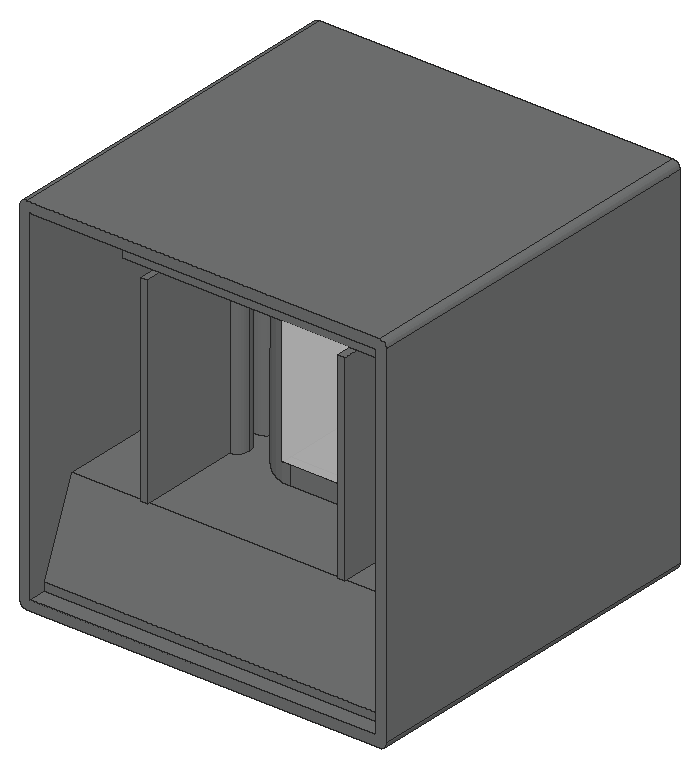
Revit family "0047910 Sylvania Lighting Fixture ST eco Surface Wall Adj Up & Dwn IP54 290lm 830 BL", category Lighting Fixtures, host Face, Revit 2016
Family settings
  Host = Face
  Part Type = Normal
  Round Connector Dimension = Use Diameter
  OmniClass Number = 23.80.70.11.17
  OmniClass Title = Specialized Lighting by Location or Use
  Cut with Voids When Loaded = No
  Light Source = Yes
  Shared = No
  Room Calculation Point = No
Parameters (values of type "0047910 ST eco Surface Wall Adj Up & Dwn IP54 290lm 830 BL")
  Width = 108.0 mm
  UpRightSegmentAngleReal [instance] = if(UpRightSegmentAngle > 35.00°, 35.00°, if(UpRightSegmentAngle < -55.00°, -55.00°, UpRightSegmentAngle))  # 0.00°
  UpRightSegmentAngle [instance] = 0.00°
  UpLeftSegmentAngleReal [instance] = if(UpLeftSegmentAngle > 35.00°, 35.00°, if(UpLeftSegmentAngle < -55.00°, -55.00°, UpLeftSegmentAngle))  # 0.00°
  UpLeftSegmentAngle [instance] = 0.00°
  Segment Material = Aluminum_Sylvania_Velite_Black
  Rotateable Segment Width = Width / 2 - 20.0 mm  # 34.0 mm
  Rotateable Segment Height = Height - 49.0 mm  # 59.0 mm
  Length = Width  # 108.0 mm
  Weight = 0.787 kg
  Wattage = 5 W
  built-in parameter 1150110 = 1 (stored number, unit not read)
  Voltage Comments = "UNV (Universal Voltage; 230-240 Volt)"  # constant formula
  Voltage = 240 V  # constant formula
  URL = "http://www.sylvania-lighting.com/product/en-int/products/0047910"
  built-in parameter 1114217 = 1 (stored number, unit not read)
  Tilt Angle = 0.00°
  built-in parameter 1150109 = 1 (stored number, unit not read)
  built-in parameter 1150134 = (empty or 0)
  Ta Rating = "-20°C to +45°C"  # constant formula
  built-in parameter 1150113 = 1 (stored number, unit not read)
  Product Page URL = "http://www.sylvania-lighting.com/product/en-int/products/0047910"
  Product Family = ""
  Photometry Comments = ""
  Photometric Web File = "0047910 ST eco Surface Wall Adj Up & Dwn IP54 290lm 830 BL.ies"
  built-in parameter 1150105 = 23.077 (stored number, unit not read)
  Lumens = 290 lm
  built-in parameter 1150115 = 1 (stored number, unit not read)
  built-in parameter 1150137 = (empty or 0)
  built-in parameter 1150139 = (empty or 0)
  Life = "25 000h"  # constant formula
  built-in parameter 1150112 = 1 (stored number, unit not read)
  built-in parameter 1150114 = 1 (stored number, unit not read)
  Lamp Comments = "Integrated LED"  # constant formula
  built-in parameter 1150132 = 2
  built-in parameter 1150102 = (empty or 0)
  built-in parameter 1150107 = 3000 (stored number, unit not read)
  built-in parameter 1150138 = (empty or 0)
  built-in parameter 1150106 = 0.23077 (stored number, unit not read)
  IP Rating = "IP54"  # constant formula
  IK Rating = "IK05"  # constant formula
  Energy Class = "A++ A+ A"  # constant formula
  Electrical Protection = "CLASS I"  # constant formula
  built-in parameter 1150104 = 5.3884 (stored number, unit not read)
  Drive Current = "300mA"
  DownRightSegmentAngleReal [instance] = if(DownRightSegmentAngle > 35.00°, 35.00°, if(DownRightSegmentAngle < -55.00°, -55.00°, DownRightSegmentAngle))  # 0.00°
  DownRightSegmentAngle [instance] = 0.00°
  DownLeftSegmentAngleReal [instance] = if(DownLeftSegmentAngle > 35.00°, 35.00°, if(DownLeftSegmentAngle < -55.00°, -55.00°, DownLeftSegmentAngle))  # 0.00°
  DownLeftSegmentAngle [instance] = 0.00°
  Dimming Lamp Color Temperature Shift = <None>
  Color Filter = 16777215
  Catalog Number = "0047910 ST eco Surface Wall Adj Up & Dwn IP54 290lm 830 BL\r\n0047910 ST eco Surface Wall Adj Up & Dwn IP54 290lm 830 BL"
  Body Material = Aluminum_Sylvania_Velite_Black
  built-in parameter 1114218 = 1 (stored number, unit not read)
  built-in parameter 1150133 = 10 (stored number, unit not read)
  Height = Width  # 108.0 mm
  built-in parameter 1114216 [instance] = 1 (stored number, unit not read)
  Model = "ST eco Surface Wall Adj Up & Dwn IP54 290lm 830 BL"
  Manufacturer = "Feilo Sylvania"  # constant formula
  Lamp = "LED"
  Diffuser Material = Polycarbonate_Sylvania_Velite_Clear
  Description = "A range of sleek and stylish Outdoor LED luminaires.Velite is perfect for lighting courtyards, gardens and exterior entrances.Design  meets IK05 requirements.Available in various shapes, sizes and colours of die cast aluminium luminaires.Range includes bollards and various wall mounted direct and direct/indirect luminaires.High efficient thermal design: ta -20 to +45oC.High performance: delivers up to 830 lm (luminaire lumen output), and up to 71lm/W (total system efficiency).Available in warm white (3,000K).Energy class: A++, A+, A.Lifetime: 30,000 hours life at 70% of the original output L70."  # constant formula
  Default Elevation = 0.0 mm
  built-in parameter 1140040 [instance] = 1
  Assembly Code = "D5020200"
  Apparent Load Comments = ""
  Apparent Load = 5 VA
Reference planes
  plane 1 "Center (Front/Back)": y = 0
  plane 2 "Fixture Back": z = 0
  plane 3 "Center (Left/Right)": x = 0
  plane 4 "Fixture Left": x = -54
  plane 5 "Fixture Right": x = 54
  plane 6 "Fixture Top": y = 54
  plane 7 "Fixture Bottom": y = -54
  plane 8 "Fixture Front": z = 108
  plane 9: x = -51
  plane 10: x = 51
  plane 11: z = 105
  plane 12: z = 3
  plane 13 "Center Segments": z = 59.5
  plane 14: z = 5.5
  plane 15: z = 30
  plane 16: y = 49
  plane 17: y = -49
  plane 18: y = 39
  plane 19: y = -39
  plane 20: x = 39
  plane 21: x = -39
  plane 22: y = 35
  plane 23: y = -35
  plane 24: z = 92
  plane 25: z = 89
  plane 26: y = 12.5
  plane 27: y = -12.5
  plane 28: x = 20
  plane 29: x = -20
  plane 30: z = 35.5
  plane 31: z = 85
  plane 32: x = -10
  plane 33: x = 10
  plane 34: y = -9.5
  plane 35: y = 9.5
  plane 36: y = 5.5
  plane 37: y = -5.5
  plane 38: x = -29
  plane 39: x = 29
Forms (mm)
  Extrusion 1, solid, material "Aluminum_Sylvania_Velite_Black" <- "Body Material", detail levels fine
    sketch origin (0, 0, 0) x (1, 0, 0) y (0, 0, 1)
      loop
        line (-51, 105) -> (-51, 3) -> (51, 3) -> (51, 105) -> (-51, 105)
      loop
        line (-54, 106) -> (-54, 2)
        arc (-54, 2) -> (-53.414, 0.586) -> (-52, 0) r 2
        line (-52, 0) -> (52, 0)
        arc (52, 0) -> (53.414, 0.586) -> (54, 2) r 2
        line (54, 2) -> (54, 106)
        arc (54, 106) -> (53.414, 107.414) -> (52, 108) r 2
        line (52, 108) -> (-52, 108)
        arc (-52, 108) -> (-53.414, 107.414) -> (-54, 106) r 2
    from -54 to 54
  Extrusion 2, solid, material "Aluminum_Sylvania_Velite_Black" <- "Body Material", detail levels fine
    sketch origin (0, 0, 0) x (0, 1, 0) y (0, 0, 1)
      loop
        line (49, 3) -> (49, 5.5) -> (39, 30) -> (-39, 30) -> (-49, 5.5) -> (-49, 3) -> (49, 3)
    from -51 to 51
  Extrusion 3, solid, material "Aluminum_Sylvania_Velite_Black" <- "Body Material", detail levels fine
    sketch origin (0, 0, 0) x (1, 0, 0) y (0, 1, 0)
      loop
        line (-39, 35) -> (-39, -35) -> (39, -35) -> (39, 35) -> (-39, 35)
    from 89 to 92
  Extrusion 4, solid, material "Aluminum_Sylvania_Velite_Black" <- "Body Material", detail levels fine
    sketch origin (0, 0, 0) x (1, 0, 0) y (0, 1, 0)
      loop
        line (-7.5, -12.5) -> (7.5, -12.5)
        arc (7.5, -12.5) -> (16.339, -8.839) -> (20, 0) r 12.5
        arc (20, 0) -> (16.339, 8.839) -> (7.5, 12.5) r 12.5
        line (7.5, 12.5) -> (-7.5, 12.5)
        arc (-7.5, 12.5) -> (-16.339, 8.839) -> (-20, 0) r 12.5
        arc (-20, 0) -> (-16.339, -8.839) -> (-7.5, -12.5) r 12.5
    from 30 to 89
  Extrusion 5, void
    sketch origin (0, 0, 0) x (1, 0, 0) y (0, 0, 1)
      loop
        line (10, 85) -> (-10, 85) -> (-10, 35.5) -> (10, 35.5) -> (10, 85)
    from -12.5 to 12.5
  Extrusion 6, solid, material "Polycarbonate_Sylvania_Velite_Clear" <- "Diffuser Material"
    sketch origin (0, 0, 0) x (1, 0, 0) y (0, 0, 1)
      loop
        line (-10, 85) -> (-10, 35.5) -> (10, 35.5) -> (10, 85) -> (-10, 85)
    from 9.5 to 12.5
  Extrusion 7, solid, material "Polycarbonate_Sylvania_Velite_Clear" <- "Diffuser Material"
    sketch origin (0, 0, 0) x (1, 0, 0) y (0, 0, 1)
      loop
        line (10, 85) -> (-10, 85) -> (-10, 35.5) -> (10, 35.5) -> (10, 85)
    from -9.5 to -12.5
  Extrusion 8, solid, material "Aluminum_Sylvania_Velite_Black" <- "Body Material", detail levels coarse+medium
    sketch origin (0, 0, 0) x (1, 0, 0) y (0, 0, 1)
      loop
        line (-54, 108) -> (-54, 0) -> (54, 0) -> (54, 108) -> (-54, 108)
      loop
        line (39, 92) -> (-39, 92) -> (-39, 30) -> (39, 30) -> (39, 92)
    from -54 to 54
  Extrusion 9, solid, material "Aluminum_Sylvania_Velite_Black" <- "Body Material", detail levels coarse+medium
    sketch origin (0, 0, 0) x (1, 0, 0) y (0, 0, 1)
      loop
        line (-20, 92) -> (-20, 30) -> (20, 30) -> (20, 92) -> (-20, 92)
      loop
        line (-10, 85) -> (-10, 35.5) -> (10, 35.5) -> (10, 85) -> (-10, 85)
    from -12.5 to 12.5
Cuts and joins
  Extrusion 5 cuts Extrusion 4
Lines and regions (mm)
  reference lines
    curve 1: line (-29, 5.5, 59.5) -> (-29, 45.5, 59.5)
    curve 2: line (29, 5.5, 59.5) -> (29, 45.5, 59.5)
    curve 3: line (-29, -5.5, 59.5) -> (-29, -47.052, 59.5)
    curve 4: line (29, -5.5, 59.5) -> (29, -43.423, 59.5)
Dimensions and locks
  equal spacing: plane 7 "Fixture Bottom", plane 1 "Center (Front/Back)", plane 6 "Fixture Top"
  "Width": plane 6 "Fixture Top" to plane 7 "Fixture Bottom"
  equal spacing: plane 4 "Fixture Left", plane 3 "Center (Left/Right)", plane 5 "Fixture Right"
  "Length": plane 4 "Fixture Left" to plane 5 "Fixture Right"
  "Height": plane 8 "Fixture Front" to plane 2 "Fixture Back"
  plane 30 to plane 15 to plane 14 to plane 12 to plane 2 "Fixture Back" = 5.5 mm locked, 24.5 mm locked, 2.5 mm locked, 3.0 mm locked
  plane 8 "Fixture Front" to plane 11 to plane 24 to plane 25 to plane 31 = 3.0 mm locked, 13.0 mm locked, 3.0 mm locked, 4.0 mm locked
  plane 6 "Fixture Top" to plane 16 to plane 18 to plane 22 = 5.0 mm locked, 10.0 mm locked, 4.0 mm locked
  plane 7 "Fixture Bottom" to plane 17 to plane 19 to plane 23 = 5.0 mm locked, 10.0 mm locked, 4.0 mm locked
  plane 4 "Fixture Left" to plane 9 to plane 21 = 3.0 mm locked, 12.0 mm locked
  plane 3 "Center (Left/Right)" to plane 33 to plane 28 to plane 39 = 10.0 mm locked, 10.0 mm locked, 9.0 mm locked
  equal spacing: plane 25, plane 13 "Center Segments", plane 15
  plane 27 to plane 34 to plane 37 to plane 1 "Center (Front/Back)" = 3.0 mm locked, 4.0 mm locked, 5.5 mm locked
  plane 26 to plane 35 to plane 36 to plane 1 "Center (Front/Back)" = 3.0 mm locked, 4.0 mm locked, 5.5 mm locked
  plane 38 to plane 29 to plane 32 to plane 3 "Center (Left/Right)" = 9.0 mm locked, 10.0 mm locked, 10.0 mm locked
  plane 20 to plane 10 to plane 5 "Fixture Right" = 12.0 mm locked, 3.0 mm locked
  "UpLeftSegmentAngleReal": angle plane 38 to curve 1
  "UpRightSegmentAngleReal": angle curve 2 to plane 39
  "DownLeftSegmentAngleReal": angle curve 3 to plane 38
  "DownRightSegmentAngleReal": angle plane 39 to curve 4
  aligned and locked: host face to plane 2 "Fixture Back"
  aligned and locked: level to host face
  aligned and locked: Extrusion 1 sketch curve to plane 9
  aligned and locked: Extrusion 1 sketch curve to plane 4 "Fixture Left"
  aligned and locked: Extrusion 1 sketch curve to plane 11
  aligned and locked: Extrusion 1 sketch curve to plane 8 "Fixture Front"
  aligned and locked: plane 10 to Extrusion 1 sketch curve
  aligned and locked: plane 5 "Fixture Right" to Extrusion 1 sketch curve
  aligned and locked: Extrusion 1 sketch curve to plane 12
  aligned and locked: Extrusion 1 sketch curve to plane 2 "Fixture Back"
  aligned and locked: plane 6 "Fixture Top" to Extrusion 1
  aligned and locked: plane 7 "Fixture Bottom" to Extrusion 1
  aligned and locked: plane 15 to Extrusion 2 sketch curve
  aligned and locked: plane 16 to Extrusion 2 sketch curve  (x2)
  aligned and locked: Extrusion 2 sketch curve to plane 17
  aligned and locked: plane 18 to Extrusion 2 sketch curve
  aligned and locked: plane 19 to Extrusion 2 sketch curve
  aligned and locked: plane 17 to Extrusion 2 sketch curve
  aligned and locked: Extrusion 2 to plane 10
  aligned and locked: Extrusion 2 to plane 9
  aligned and locked: Extrusion 2 sketch curve to plane 12
  aligned and locked: Extrusion 3 sketch curve to plane 22
  aligned and locked: plane 23 to Extrusion 3 sketch curve
  aligned and locked: Extrusion 3 sketch curve to plane 21
  aligned and locked: plane 20 to Extrusion 3 sketch curve
  aligned and locked: plane 24 to Extrusion 3
  aligned and locked: Extrusion 3 to plane 25
  aligned and locked: plane 27 to Extrusion 4 sketch curve
  aligned and locked: Extrusion 4 sketch curve to plane 26
  aligned and locked: plane 25 to Extrusion 4
  aligned and locked: Extrusion 4 to plane 15
  aligned and locked: plane 33 to Extrusion 5 sketch curve
  aligned and locked: Extrusion 5 sketch curve to plane 32
  aligned and locked: Extrusion 5 sketch curve to plane 31
  aligned and locked: Extrusion 5 sketch curve to plane 30
  aligned and locked: plane 26 to Extrusion 5
  aligned and locked: plane 27 to Extrusion 5
  aligned and locked: Extrusion 6 sketch curve to plane 32
  aligned and locked: plane 33 to Extrusion 6 sketch curve
  aligned and locked: Extrusion 6 sketch curve to plane 31
  aligned and locked: Extrusion 6 sketch curve to plane 30
  aligned and locked: plane 33 to Extrusion 7 sketch curve
  aligned and locked: Extrusion 7 sketch curve to plane 32
  aligned and locked: Extrusion 7 sketch curve to plane 31
  aligned and locked: Extrusion 7 sketch curve to plane 30
  aligned and locked: Extrusion 7 to plane 35
  aligned and locked: plane 26 to Extrusion 7
  aligned and locked: Extrusion 6 to plane 34
  aligned and locked: plane 27 to Extrusion 6
  aligned and locked: plane 36 to curve 1
  aligned and locked: plane 38 to curve 1
  aligned and locked: plane 36 to curve 2
  aligned and locked: plane 39 to curve 2
  aligned and locked: plane 37 to curve 4
  aligned and locked: plane 39 to curve 4
  aligned and locked: plane 37 to curve 3
  aligned and locked: plane 38 to curve 3
  aligned and locked: nested 1 to curve 1
  aligned and locked: nested 2 to curve 3
  aligned and locked: nested 3 to curve 2
  aligned and locked: nested 4 to curve 4
  aligned and locked: plane 13 "Center Segments" to nested 4
  aligned and locked: plane 13 "Center Segments" to nested 3
  aligned and locked: plane 13 "Center Segments" to nested 1
  aligned and locked: plane 13 "Center Segments" to nested 2
  aligned and locked: Extrusion 8 sketch curve to plane 8 "Fixture Front"
  aligned and locked: plane 5 "Fixture Right" to Extrusion 8 sketch curve
  aligned and locked: Extrusion 8 sketch curve to plane 4 "Fixture Left"
  aligned and locked: Extrusion 8 sketch curve to plane 2 "Fixture Back"
  aligned and locked: plane 20 to Extrusion 8 sketch curve
  aligned and locked: Extrusion 8 sketch curve to plane 21
  aligned and locked: Extrusion 8 sketch curve to plane 24
  aligned and locked: Extrusion 8 sketch curve to plane 15
  aligned and locked: plane 6 "Fixture Top" to Extrusion 8
  aligned and locked: plane 7 "Fixture Bottom" to Extrusion 8
  aligned and locked: Extrusion 9 sketch curve to plane 29
  aligned and locked: plane 28 to Extrusion 9 sketch curve
  aligned and locked: Extrusion 9 sketch curve to plane 15
  aligned and locked: Extrusion 9 sketch curve to plane 31
  aligned and locked: Extrusion 9 sketch curve to plane 30
  aligned and locked: plane 33 to Extrusion 9 sketch curve
  aligned and locked: Extrusion 9 sketch curve to plane 32
  aligned and locked: plane 26 to Extrusion 9
  aligned and locked: plane 27 to Extrusion 9
  aligned and locked: Extrusion 9 sketch curve to plane 24
  aligned and locked: imposter light to plane 1 "Center (Front/Back)"
  aligned and locked: imposter light to plane 3 "Center (Left/Right)"
  aligned and locked: imposter light to plane 13 "Center Segments"
Automatic sketch dimensions
  host sketch curve to host sketch curve = 447.379 mm
  host sketch curve to host sketch curve = 434.165 mm
  Extrusion 2 sketch curve to plane 14 = 0.0 mm  (x2)
  Extrusion 4 sketch curve to Extrusion 4 sketch curve = 0.0 mm  (x3)
  plane 3 "Center (Left/Right)" to Extrusion 4 sketch curve = 7.5 mm
  Extrusion 4 sketch curve to plane 3 "Center (Left/Right)" = 7.5 mm
  Extrusion 1 sketch curve to plane 9 = 1.0 mm  (x2)
  Extrusion 1 sketch curve to plane 12 = 1.0 mm
  Extrusion 1 sketch curve to plane 10 = 1.0 mm
Nested families
  nested 1: "Rotateable Segment" at (-41.949, 5.5, 30), type "Rotateable Segment", detail levels fine
  nested 2: "Rotateable Segment" at (-16.051, -5.5, 30) x (-1, 0, 0) z (0, 0, 1), type "Rotateable Segment", detail levels fine
  nested 3: "Rotateable Segment" at (16.051, 5.5, 30), type "Rotateable Segment", detail levels fine
  nested 4: "Rotateable Segment" at (41.949, -5.5, 30) x (-1, 0, 0) z (0, 0, 1), type "Rotateable Segment", detail levels fine
Connectors
  electrical at (0, 0, 0), driven by "Voltage", driven by "Apparent Load"
    settings: on Extrusion 8, index 1, voltage 240 V, apparent load 0 VA, apparent load phase1 5 VA, apparent load phase2 0 VA, apparent load phase3 0 VA, power factor 1, load classification "Lighting", number of poles 1, system type 31, power factor state 1, is connector primary yes, connector utility no, sub classification motor no, connector description ""
Definition of nested family "Rotateable Segment"
  Parameters
    Thickness = 2.0 mm  # constant formula
    Segment Material = none
    Height = 59.0 mm
    Width = 34.0 mm
    Default Elevation = 0.0 mm
  Reference planes
    plane 1 "Center (Front/Back)": y = 0
    plane 2: z = 0
    plane 3 "Center (Left/Right)": x = 12.949
    plane 4: y = 34
    plane 5: y = 3.8
    plane 6: x = 13.949
    plane 7: x = 11.949
    plane 8: y = 1.7
    plane 9: z = 59
    plane 10: z = 29.5
  Forms (mm)
    Extrusion 1, solid, material <- "Segment Material"
      sketch origin (0, 0, 0) x (1, 0, 0) y (0, 1, 0)
        loop
          circle (12.949, 0) r 3.8
        loop
          circle (12.949, 0) r 1.7
      from 0 to 59
    Extrusion 2, solid, material <- "Segment Material"
      sketch origin (0, 0, 0) x (1, 0, 0) y (0, 1, 0)
        loop
          line (13.949, 34) -> (11.949, 34) -> (11.949, 1.7) -> (13.949, 1.7) -> (13.949, 34)
      from 0 to 59
  Cuts and joins
    joined: Extrusion 1, Extrusion 2
  Dimensions and locks
    "Width": plane 1 "Center (Front/Back)" to plane 4
    equal spacing: plane 7, plane 3 "Center (Left/Right)", plane 6
    "Thickness": plane 7 to plane 6
    "Height": plane 9 to plane 2
    equal spacing: plane 9, plane 10, plane 2
    plane 5 to plane 8 to plane 1 "Center (Front/Back)" = 2.1 mm locked, 1.7 mm locked
    aligned and locked: level to plane 2
    aligned and locked: Extrusion 2 sketch curve to plane 6
    aligned and locked: plane 7 to Extrusion 2 sketch curve
    aligned and locked: Extrusion 2 sketch curve to plane 4
    aligned and locked: Extrusion 2 sketch curve to plane 8
    aligned and locked: plane 9 to cut or joined group of Extrusion 1, Extrusion 2  (x2)
  Automatic sketch dimensions
    Extrusion 1 sketch curve to Extrusion 1 sketch curve = 0.0 mm  (x2)
    plane 1 "Center (Front/Back)" to Extrusion 1 sketch curve = 0.0 mm
    Extrusion 1 sketch curve to plane 3 "Center (Left/Right)" = 0.0 mm
    radius of Extrusion 1 sketch curve = 3.8 mm
    radius of Extrusion 1 sketch curve = 1.7 mm
